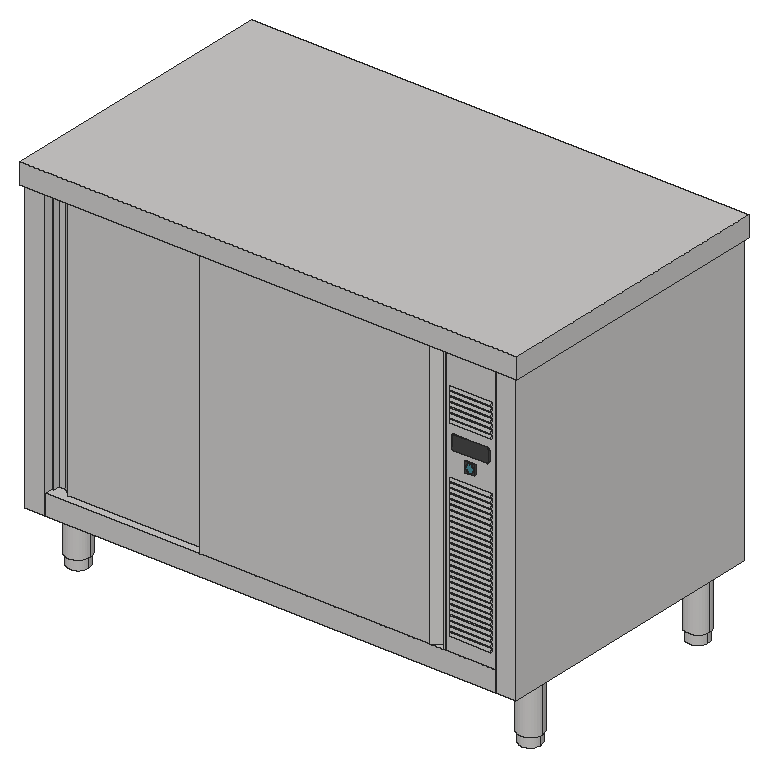
Revit family "QF_ZANUSSI_132786_MTC1200PN", category Attrezzature speciali, Revit 2020
Family settings
  Quota connettore circolare = Usa diametro
  Tipo di parte = Normale
  Basato su piano di lavoro = No
  Sempre verticale = Sì
  Taglio con vuoti quando caricato = No
  Condiviso = No
  Punto di calcolo locali = No
Parameters (values of type "Standard")
  Weight = 55.00 kg
  Watts = 2400 W
  Volts = 220 V
  URL Manufacturer = "http://www.zanussiprofessional.com"
  URL = "http://www.zanussiprofessional.com"
  Steam Supply Size = 0 mm
  Steam Supply Minimum Pressure = 0.0 Pa
  Steam Supply Maximum Pressure = 0.0 Pa
  Steam Consumption per Hour = 0
  Refrigeration Suction Line Size = 0.0 mm
  Refrigeration Liquid Line Size = 0.0 mm
  Refrigerant Compressor Remote = yes
  Prospetto di default = 0.0 mm
  Produttore = "Zanussi"
  Phase = 1
  Modello = "MTC1200PN"
  Length Actual = 1200.0 mm  # constant formula
  Item Number = "132786"
  Hot Water Size = 0 mm
  Height Actual = 900.0 mm  # constant formula
  HP = "3.2 HP"
  Gas Size = 0 mm
  Gas KW = 0
  Gas Input Pressure = 0 W
  Direct Waste Size = 0 mm
  Descrizione = "HOT CUPB.VENTIL.+SHELF+SLIDING D. 1200MM"
  Depth Actual = 700.0 mm  # constant formula
  Cycle = 50 Hz
  Condensate Return Size = 0 mm
  Compressed Air Volume = 0.0 L/s
  Compressed Air Size = 0 mm
  Compressed Air Pressure = 0.0 Pa
  Cold Water Size = 0 mm
  Accessory = yes
Reference planes
  plane 1 "Center (Front/Back)": y = 0
  plane 2: z = 0
  plane 3 "Center (Left/Right)": x = -100
  plane 4 "LEFT": x = -700
  plane 5 "RIGHT": x = 500
  plane 6 "BACK": y = 350
  plane 7 "FRONT": y = -350
  plane 8 "Base": z = 850
  plane 9 "TOP": z = 900
  plane 10: x = -646.5
  plane 11: x = 446.5
  plane 12: y = 264.5
  plane 13: y = -241.5
  plane 14 "BodyLeft": x = -694.5
  plane 15 "BodyFront": y = -344.5
  plane 16 "BodyRight": x = 494.5
  plane 17 "BodyBack": y = 344.5
  plane 18 "FEET": z = 150
  plane 19: x = 324.5
  plane 20: x = -161
  plane 21: x = 444.5
  plane 22 "EIx": x = 400
  plane 23 "EIy": y = -170
Forms (mm)
  Extrusion 1, solid, material "QF_Finishes_Stainless Steel"
    sketch origin (-100, 0, 0) x (0, 1, 0) y (0, 0, 1)
      loop
        line (-350, 850) -> (350, 850) -> (350, 900) -> (-350, 900) -> (-350, 850)
    from 600 to -600
  Extrusion 2, solid, material "QF_Finishes_Stainless Steel"
    sketch origin (0, 0, 150) x (-1, 0, 0) y (0, -1, 0)
      loop
        line (694.5, -344.5) -> (694.5, 344.5) -> (644.5, 344.5) -> (644.5, -344.5) -> (694.5, -344.5)
      loop
        line (-444.5, -344.5) -> (-444.5, 344.5) -> (-494.5, 344.5) -> (-494.5, -344.5) -> (-444.5, -344.5)
    from 0 to 700
  Extrusion 3, solid, material "QF_Finishes_Stainless Steel"
    sketch origin (0, 0, 150) x (-1, 0, 0) y (0, -1, 0)
      loop
        line (644.5, -344.5) -> (644.5, 344.5) -> (-444.5, 344.5) -> (-444.5, -344.5) -> (644.5, -344.5)
    from 0 to 50
  Extrusion 4, solid, material "QF_Finishes_Stainless Steel"
    sketch origin (-1, 0, 150) x (-1, 0, 0) y (0, -1, 0)
      loop
        line (-325.5, 344.5) -> (-325.5, 324.5) -> (270.5, 324.5) -> (270.5, 344.5) -> (-285.5, 344.5) -> (-305.5, 329.5) -> (-320.5, 329.5) -> (-320.5, 344.5) -> (-325.5, 344.5)
    from 50 to 700
  Extrusion 5, solid, material "QF_Finishes_Stainless Steel"
    sketch origin (1, 20, 150) x (1, 0, 0) y (0, 1, 0)
      loop
        line (-645.5, -344.5) -> (-640.5, -344.5) -> (-640.5, -329.5) -> (-625.5, -329.5) -> (-605.5, -344.5) -> (-51.5, -344.5) -> (-51.5, -324.5) -> (-645.5, -324.5) -> (-645.5, -344.5)
    from 50 to 700
  Extrusion 6, solid, material "QF_Finishes_Stainless Steel"
    sketch origin (0, 0, 0) x (1, 0, 0) y (0, 1, 0)
      loop
        line (-644.5, -304.5) -> (324.5, -304.5) -> (324.5, 324.5) -> (-644.5, 324.5) -> (-644.5, -304.5)
    from 500 to 540
  Extrusion 7, solid, material "QF_Finishes_Stainless Steel"
    sketch origin (0, 0, 0) x (1, 0, 0) y (0, 1, 0)
      loop
        line (444.5, 344.5) -> (-644.5, 344.5) -> (-644.5, 324.5) -> (444.5, 324.5) -> (444.5, 344.5)
    from 200 to 850
  Extrusion 8, solid, material "QF_Finishes_Stainless Steel"
    sketch origin (0, 0, 150) x (-1, 0, 0) y (0, -1, 0)
      loop
        circle (-400, 170) r 10
    from 0 to -5
Cuts and joins
  joined: Extrusion 3, Extrusion 7
Lines and regions (mm)
  symbolic lines
    curve 1: line (500, 350, 900) -> (-700, 350, 900)
    curve 2: line (-700, 350, 900) -> (-700, -350, 900)
    curve 3: line (-700, -350, 900) -> (500, -350, 900)
    curve 4: line (500, -350, 900) -> (500, 350, 900)
  symbolic lines, style "SpecialityEquipmentHiddenLines"
    curve 5: line (-694.5, 344.5, 150) -> (494.5, 344.5, 150)
    curve 6: line (-694.5, -344.5, 150) -> (-694.5, 344.5, 150)
    curve 7: line (494.5, -344.5, 150) -> (-694.5, -344.5, 150)
    curve 8: line (494.5, 344.5, 150) -> (494.5, -344.5, 150)
    curve 9: line (-645.5, -304.5, 150) -> (-49.5, -304.5, 150)
    curve 10: line (-49.5, -304.5, 150) -> (-49.5, -324.5, 150)
    curve 11: line (-645.5, -324.5, 150) -> (444.5, -324.5, 150)
    curve 12: line (444.5, -324.5, 150) -> (444.5, -344.5, 150)
    curve 13: line (-645.5, -304.5, 150) -> (-645.5, -324.5, 150)
    curve 14: line (-271.5, -344.5, 0) -> (-271.5, -324.5, 0)
Dimensions and locks
  plane 4 "LEFT" to plane 5 "RIGHT" = 1200.0 mm
  equal spacing: plane 4 "LEFT", plane 3 "Center (Left/Right)", plane 5 "RIGHT"
  locked: plane 8 "Base" to level at 850
  plane 9 "TOP" to level = 900.0 mm
  plane 6 "BACK" to plane 7 "FRONT" = 700.0 mm
  equal spacing: plane 6 "BACK", plane 1 "Center (Front/Back)", plane 7 "FRONT"
  locked: plane 4 "LEFT" to plane 14 "BodyLeft" at 5.5
  locked: plane 16 "BodyRight" to plane 5 "RIGHT" at 5.5
  locked: plane 15 "BodyFront" to plane 7 "FRONT" at 5.5
  locked: plane 6 "BACK" to plane 17 "BodyBack" at 5.5
  locked: plane 14 "BodyLeft" to plane 10 at 48
  locked: plane 11 to plane 16 "BodyRight" at 48
  locked: plane 13 to plane 15 "BodyFront" at 103
  locked: plane 17 "BodyBack" to plane 12 at 80
  plane 10 to plane 11 = 1093.0 mm
  plane 12 to plane 13 = 506.0 mm
  locked: plane 14 "BodyLeft" to Extrusion 2 sketch curve at 50
  locked: Extrusion 2 sketch curve to Extrusion 2 sketch curve at 50
  equal spacing: plane 10, plane 20, plane 19
  locked: plane 21 to plane 16 "BodyRight" at 50
  locked: plane 19 to plane 21 at 120
  locked: Extrusion 4 sketch curve to plane 20 at 110.5
  locked: plane 20 to Extrusion 5 sketch curve at 110.5
  locked: plane 18 "FEET" to level at 150
  locked: plane 22 "EIx" to plane 5 "RIGHT" at 100
  plane 23 "EIy" to plane 7 "FRONT" = 180.0 mm
  aligned and locked: level to plane 2
  aligned and locked: plane 10 to nested 1
  aligned and locked: nested 1 to plane 13
  aligned and locked: plane 11 to nested 2
  aligned and locked: nested 2 to plane 13
  aligned and locked: plane 11 to nested 4
  aligned and locked: nested 4 to plane 12
  aligned and locked: plane 10 to nested 3
  aligned and locked: nested 3 to plane 12
  aligned and locked: Extrusion 1 to plane 4 "LEFT"
  aligned and locked: plane 5 "RIGHT" to Extrusion 1
  aligned and locked: curve 2 to plane 4 "LEFT"
  aligned and locked: plane 17 "BodyBack" to Extrusion 2 sketch curve
  aligned and locked: Extrusion 2 sketch curve to plane 15 "BodyFront"
  aligned and locked: Extrusion 2 sketch curve to plane 14 "BodyLeft"
  aligned and locked: plane 16 "BodyRight" to Extrusion 2 sketch curve
  aligned and locked: Extrusion 2 sketch curve to plane 17 "BodyBack"
  aligned and locked: plane 15 "BodyFront" to Extrusion 2 sketch curve
  aligned and locked: Extrusion 3 sketch curve to plane 17 "BodyBack"
  aligned and locked: plane 15 "BodyFront" to Extrusion 3 sketch curve
  aligned and locked: plane 8 "Base" to Extrusion 2
  aligned and locked: plane 8 "Base" to Extrusion 4
  aligned and locked: Extrusion 4 to Extrusion 3
  aligned and locked: Extrusion 1 to plane 8 "Base"
  aligned and locked: plane 9 "TOP" to Extrusion 1
  aligned and locked: curve 5 to plane 17 "BodyBack"
  aligned and locked: plane 14 "BodyLeft" to curve 6
  aligned and locked: plane 15 "BodyFront" to curve 7
  aligned and locked: plane 16 "BodyRight" to curve 8
  aligned and locked: Extrusion 3 to Extrusion 2  (x2)
  aligned and locked: Extrusion 6 sketch curve to Extrusion 2
  aligned and locked: Extrusion 6 sketch curve to Extrusion 5
  aligned and locked: nested 5 to plane 21
  aligned and locked: Extrusion 7 sketch curve to Extrusion 2
  aligned and locked: Extrusion 6 sketch curve to plane 19
Automatic sketch dimensions
  curve 14 to plane 15 "BodyFront" = 0.0 mm
  plane 15 "BodyFront" to curve 14 = 20.0 mm
  curve 14 to plane 20 = 110.5 mm
  curve 3 to plane 7 "FRONT" = 0.0 mm
  curve 4 to plane 6 "BACK" = 0.0 mm
  Extrusion 1 sketch curve to plane 7 "FRONT" = 0.0 mm
  Extrusion 1 sketch curve to plane 6 "BACK" = 0.0 mm
  Extrusion 1 sketch curve to plane 8 "Base" = 0.0 mm
  Extrusion 1 sketch curve to plane 9 "TOP" = 0.0 mm
  Extrusion 3 sketch curve to plane 21 = 0.0 mm
  plane 10 to Extrusion 3 sketch curve = 2.0 mm
  Extrusion 4 sketch curve to plane 19 = 0.0 mm
  Extrusion 4 sketch curve to plane 15 "BodyFront" = 0.0 mm  (x2)
  Extrusion 4 sketch curve to Extrusion 4 sketch curve = 5.0 mm
  Extrusion 4 sketch curve to Extrusion 4 sketch curve = 15.0 mm  (x2)
  Extrusion 4 sketch curve to Extrusion 4 sketch curve = 20.0 mm  (x2)
  Extrusion 5 sketch curve to plane 15 "BodyFront" = 20.0 mm  (x2)
  Extrusion 5 sketch curve to plane 10 = 42.0 mm
  Extrusion 5 sketch curve to plane 10 = 22.0 mm
  Extrusion 5 sketch curve to plane 10 = 7.0 mm
  Extrusion 5 sketch curve to plane 10 = 2.0 mm
  Extrusion 5 sketch curve to Extrusion 5 sketch curve = 15.0 mm
  Extrusion 5 sketch curve to Extrusion 5 sketch curve = 20.0 mm
  curve 12 to plane 21 = 0.0 mm
  curve 7 to plane 15 "BodyFront" = 0.0 mm
  plane 3 "Center (Left/Right)" to curve 9 = 50.5 mm
  plane 10 to curve 11 = 1.0 mm
  plane 15 "BodyFront" to curve 9 = 40.0 mm
  curve 11 to curve 12 = 20.0 mm
  plane 12 to Extrusion 6 sketch curve = 60.0 mm
  Extrusion 7 sketch curve to plane 17 "BodyBack" = 0.0 mm
  Extrusion 7 sketch curve to plane 21 = 0.0 mm
  Extrusion 7 sketch curve to plane 17 "BodyBack" = 20.0 mm
  curve 4 to plane 5 "RIGHT" = 0.0 mm
  Extrusion 8 sketch curve to plane 22 "EIx" = 0.0 mm
  Extrusion 8 sketch curve to plane 23 "EIy" = 0.0 mm
  radius of Extrusion 8 sketch curve = 10.0 mm
Nested families
  nested 1: "FEET_D58-150" at (-646.5, -241.5, 0), type "FEET_D58-150"
  nested 2: "FEET_D58-150" at (446.5, -241.5, 0), type "FEET_D58-150"
  nested 3: "FEET_D58-150" at (-646.5, 264.5, 0), type "FEET_D58-150"
  nested 4: "FEET_D58-150" at (446.5, 264.5, 0), type "FEET_D58-150"
  nested 5: "WT_PNL120x650" at (531.42, -304.5, 600) x (1, 0, 0) z (0, -1, 0), type "WT_PNL120x650"
    with Show Logo yes
Connectors
  electrical at (400, -170, 145)
    settings: on Extrusion 8, index 1, voltage 0 V, apparent load 0 VA, apparent load phase1 0 VA, apparent load phase2 0 VA, apparent load phase3 0 VA, power factor 1, load classification "Other", number of poles 1, system type 30, power factor state 1, is connector primary yes, connector utility no, sub classification motor no, connector description "Electrical connection"
Definition of nested family "FEET_D58-150"
  Parameters
    Default Elevation = 0.0 mm
    FEET = 150.0 mm
  Reference planes
    plane 1 "Center (Front/Back)": y = 0
    plane 2: z = 0
    plane 3 "Center (Left/Right)": x = 0
    plane 4: z = 150
  Forms (mm)
    Extrusion 1, solid
      sketch origin (0, 0, 0) x (1, 0, 0) y (0, 1, 0)
        loop
          circle (0, 0) r 25
      from 0 to 25
    Extrusion 2, solid
      sketch origin (0, 0, 0) x (1, 0, 0) y (0, 1, 0)
        loop
          circle (0.061, 0) r 29
      from 25 to 150 <- "FEET"
  Lines and regions (mm)
    symbolic lines
      curve 1: line (0, -1.503, 0) -> (0, 1.508, 0)
      curve 2: line (1.561, 0, 0) -> (-1.439, 0, 0)
  Dimensions and locks
    "FEET": plane 4 to plane 2
    aligned and locked: level to plane 2
  Automatic sketch dimensions
    plane 1 "Center (Front/Back)" to Extrusion 1 sketch curve = 0.0 mm
    Extrusion 1 sketch curve to plane 3 "Center (Left/Right)" = 0.0 mm
    plane 1 "Center (Front/Back)" to curve 2 = 0.0 mm
    curve 1 to plane 3 "Center (Left/Right)" = 0.0 mm
    curve 2 to plane 3 "Center (Left/Right)" = 1.439 mm
    plane 3 "Center (Left/Right)" to curve 2 = 1.561 mm
    plane 1 "Center (Front/Back)" to curve 1 = 1.503 mm
    curve 1 to plane 1 "Center (Front/Back)" = 1.508 mm
    plane 1 "Center (Front/Back)" to Extrusion 2 sketch curve = 0.0 mm
    plane 3 "Center (Left/Right)" to Extrusion 2 sketch curve = 0.061 mm
    radius of Extrusion 1 sketch curve = 25.0 mm
    radius of Extrusion 2 sketch curve = 29.0 mm
Definition of nested family "WT_PNL120x650"
  Parameters
    Show Logo [instance] = yes
    Default Elevation = 1219.2 mm
  Reference planes
    plane 1 "Center (Front/Back)": y = -75
    plane 2: z = 0
    plane 3 "Center (Left/Right)": x = -146.92
    plane 4: x = -206.92
    plane 5: x = -86.92
    plane 6: y = 250
    plane 7: y = -400
    plane 8 "TOP": z = 40
  Forms (mm)
    Extrusion 1, solid
      sketch origin (0, 0, 0) x (1, 0, 0) y (0, 1, 0)
        loop
          line (-1219.2, 1219.2) -> (-1219.2, -1219.2) -> (1219.2, -1219.2) -> (1219.2, 1219.2) -> (-1219.2, 1219.2)
      from 0 to -304.8
    Extrusion 2, solid
      sketch origin (0, 0, 0) x (1, 0, 0) y (0, 1, 0)
        loop
          line (-206.92, 250) -> (-206.92, -400) -> (-86.92, -400) -> (-86.92, 250) -> (-206.92, 250)
      from 0 to 40
    Extrusion 3, void
      sketch origin (0, 0, 40) x (-1, 0, 0) y (0, -1, 0)
        loop
          arc (101.92, -68.899) -> (103.795, -73.256) -> (108.247, -74.89) r 6
          line (108.247, -74.89) -> (185.92, -74.89)
          arc (185.92, -74.89) -> (190.163, -73.133) -> (191.92, -68.89) r 6
          line (191.92, -68.89) -> (191.92, -45.89)
          arc (191.92, -45.89) -> (190.163, -41.648) -> (185.92, -39.89) r 6
          line (185.92, -39.89) -> (107.92, -39.89)
          arc (107.92, -39.89) -> (103.677, -41.648) -> (101.92, -45.89) r 6
          line (101.92, -45.89) -> (101.92, -68.899)
        loop
          line (158.92, -27.89) -> (158.92, -2.89) -> (134.92, -2.89) -> (134.92, -27.89) -> (158.92, -27.89)
      from -2 to 0
    Extrusion 4, solid
      sketch origin (0, 0, 40) x (-1, 0, 0) y (0, -1, 0)
        loop
          line (185.92, -39.89) -> (107.92, -39.89)
          arc (107.92, -39.89) -> (103.677, -41.648) -> (101.92, -45.89) r 6
          line (101.92, -45.89) -> (101.92, -68.899)
          arc (101.92, -68.899) -> (103.795, -73.256) -> (108.247, -74.89) r 6
          line (108.247, -74.89) -> (185.92, -74.89)
          arc (185.92, -74.89) -> (190.163, -73.133) -> (191.92, -68.89) r 6
          line (191.92, -68.89) -> (191.92, -45.89)
          arc (191.92, -45.89) -> (190.163, -41.648) -> (185.92, -39.89) r 6
      from -2 to 1
    Extrusion 5, solid
      sketch origin (-146.92, 0, 0) x (0, 1, 0) y (0, 0, 1)
        loop
          line (95.896, 40) -> (104.899, 40) -> (95.896, 41.206) -> (95.896, 40)
        loop
          line (107.896, 40) -> (116.899, 40) -> (107.896, 41.206) -> (107.896, 40)
        loop
          line (119.896, 40) -> (128.899, 40) -> (119.896, 41.206) -> (119.896, 40)
        loop
          line (131.896, 40) -> (140.899, 40) -> (131.896, 41.206) -> (131.896, 40)
        loop
          line (143.896, 40) -> (152.899, 40) -> (143.896, 41.206) -> (143.896, 40)
        loop
          line (155.896, 40) -> (164.899, 40) -> (155.896, 41.206) -> (155.896, 40)
        loop
          line (167.896, 40) -> (176.899, 40) -> (167.896, 41.206) -> (167.896, 40)
        loop
          line (-102.104, 40) -> (-93.101, 40) -> (-102.104, 41.206) -> (-102.104, 40)
        loop
          line (-90.104, 40) -> (-81.101, 40) -> (-90.104, 41.206) -> (-90.104, 40)
        loop
          line (-78.104, 40) -> (-69.101, 40) -> (-78.104, 41.206) -> (-78.104, 40)
        loop
          line (-66.104, 40) -> (-57.101, 40) -> (-66.104, 41.206) -> (-66.104, 40)
        loop
          line (-54.104, 40) -> (-45.101, 40) -> (-54.104, 41.206) -> (-54.104, 40)
        loop
          line (-42.104, 40) -> (-33.101, 40) -> (-42.104, 41.206) -> (-42.104, 40)
        loop
          line (-30.104, 40) -> (-21.101, 40) -> (-30.104, 41.206) -> (-30.104, 40)
        loop
          line (-174.104, 40) -> (-165.101, 40) -> (-174.104, 41.206) -> (-174.104, 40)
        loop
          line (-162.104, 40) -> (-153.101, 40) -> (-162.104, 41.206) -> (-162.104, 40)
        loop
          line (-150.104, 40) -> (-141.101, 40) -> (-150.104, 41.206) -> (-150.104, 40)
        loop
          line (-138.104, 40) -> (-129.101, 40) -> (-138.104, 41.206) -> (-138.104, 40)
        loop
          line (-126.104, 40) -> (-117.101, 40) -> (-126.104, 41.206) -> (-126.104, 40)
        loop
          line (-114.104, 40) -> (-105.101, 40) -> (-114.104, 41.206) -> (-114.104, 40)
        loop
          line (-246.104, 40) -> (-237.101, 40) -> (-246.104, 41.206) -> (-246.104, 40)
        loop
          line (-234.104, 40) -> (-225.101, 40) -> (-234.104, 41.206) -> (-234.104, 40)
        loop
          line (-222.104, 40) -> (-213.101, 40) -> (-222.104, 41.206) -> (-222.104, 40)
        loop
          line (-210.104, 40) -> (-201.101, 40) -> (-210.104, 41.206) -> (-210.104, 40)
        loop
          line (-198.104, 40) -> (-189.101, 40) -> (-198.104, 41.206) -> (-198.104, 40)
        loop
          line (-186.104, 40) -> (-177.101, 40) -> (-186.104, 41.206) -> (-186.104, 40)
        loop
          line (-318.104, 40) -> (-309.101, 40) -> (-318.104, 41.206) -> (-318.104, 40)
        loop
          line (-306.104, 40) -> (-297.101, 40) -> (-306.104, 41.206) -> (-306.104, 40)
        loop
          line (-294.104, 40) -> (-285.101, 40) -> (-294.104, 41.206) -> (-294.104, 40)
        loop
          line (-282.104, 40) -> (-273.101, 40) -> (-282.104, 41.206) -> (-282.104, 40)
        loop
          line (-270.104, 40) -> (-261.101, 40) -> (-270.104, 41.206) -> (-270.104, 40)
        loop
          line (-258.104, 40) -> (-249.101, 40) -> (-258.104, 41.206) -> (-258.104, 40)
        loop
          line (-366.104, 40) -> (-357.101, 40) -> (-366.104, 41.206) -> (-366.104, 40)
        loop
          line (-354.104, 40) -> (-345.101, 40) -> (-354.104, 41.206) -> (-354.104, 40)
        loop
          line (-342.104, 40) -> (-333.101, 40) -> (-342.104, 41.206) -> (-342.104, 40)
        loop
          line (-330.104, 40) -> (-321.101, 40) -> (-330.104, 41.206) -> (-330.104, 40)
      from -50 to 50
    Extrusion 6, solid
      sketch origin (0, 0, 40) x (-1, 0, 0) y (0, -1, 0)
        loop
          line (134.92, -27.89) -> (158.92, -27.89) -> (158.92, -2.89) -> (134.92, -2.89) -> (134.92, -27.89)
        loop
          circle (146.92, -15.39) r 9
      from -2 to 3
    Extrusion 7, solid
      sketch origin (0, 0, 40) x (-1, 0, 0) y (0, -1, 0)
        loop
          circle (146.92, -15.39) r 9
      from 0 to 3
  Cuts and joins
    Extrusion 3 cuts Extrusion 2
  Dimensions and locks
    equal spacing: plane 6, plane 1 "Center (Front/Back)", plane 7
    equal spacing: plane 4, plane 3 "Center (Left/Right)", plane 5
    plane 8 "TOP" to level = 40.0 mm
    aligned and locked: plane 2 to Extrusion 1
    aligned and locked: level to Extrusion 1
  Automatic sketch dimensions
    Extrusion 1 sketch curve to Extrusion 1 sketch curve = 2438.4 mm  (x2)
    Extrusion 2 sketch curve to plane 4 = 0.0 mm
    Extrusion 2 sketch curve to plane 5 = 0.0 mm
    Extrusion 2 sketch curve to plane 7 = 0.0 mm
    Extrusion 2 sketch curve to plane 6 = 0.0 mm
    Extrusion 5 sketch curve to plane 8 "TOP" = 0.0 mm  (x36)
    Extrusion 5 sketch curve to Extrusion 5 sketch curve = 9.003 mm  (x35)
    plane 8 "TOP" to Extrusion 5 sketch curve = 1.206 mm  (x22)
    Extrusion 5 sketch curve to Extrusion 5 sketch curve = 2.997 mm  (x33)
    plane 1 "Center (Front/Back)" to Extrusion 5 sketch curve = 6.101 mm
    plane 1 "Center (Front/Back)" to Extrusion 5 sketch curve = 3.104 mm
    Extrusion 5 sketch curve to plane 1 "Center (Front/Back)" = 5.899 mm
    Extrusion 5 sketch curve to Extrusion 5 sketch curve = 116.997 mm
    Extrusion 5 sketch curve to Extrusion 5 sketch curve = 1.206 mm  (x14)
    Extrusion 4 sketch curve to plane 5 = 15.0 mm
    Extrusion 4 sketch curve to Extrusion 4 sketch curve = 6.0 mm  (x3)
    Extrusion 4 sketch curve to Extrusion 4 sketch curve = 0.327 mm
    plane 4 to Extrusion 4 sketch curve = 21.0 mm  (x2)
    Extrusion 4 sketch curve to plane 1 "Center (Front/Back)" = 149.89 mm
    Extrusion 4 sketch curve to Extrusion 4 sketch curve = 23.009 mm
    Extrusion 3 sketch curve to plane 5 = 15.0 mm
    Extrusion 3 sketch curve to Extrusion 3 sketch curve = 6.0 mm  (x3)
    Extrusion 3 sketch curve to Extrusion 3 sketch curve = 0.327 mm
    plane 3 "Center (Left/Right)" to Extrusion 3 sketch curve = 12.0 mm
    Extrusion 3 sketch curve to plane 3 "Center (Left/Right)" = 12.0 mm
    plane 4 to Extrusion 3 sketch curve = 21.0 mm  (x2)
    Extrusion 3 sketch curve to plane 1 "Center (Front/Back)" = 149.89 mm
    Extrusion 3 sketch curve to Extrusion 3 sketch curve = 23.0 mm
    Extrusion 3 sketch curve to Extrusion 3 sketch curve = 12.0 mm
    Extrusion 3 sketch curve to Extrusion 3 sketch curve = 25.0 mm
    Extrusion 6 sketch curve to plane 3 "Center (Left/Right)" = 0.0 mm
    plane 3 "Center (Left/Right)" to Extrusion 6 sketch curve = 12.0 mm
    Extrusion 6 sketch curve to plane 3 "Center (Left/Right)" = 12.0 mm
    Extrusion 6 sketch curve to plane 1 "Center (Front/Back)" = 102.89 mm
    Extrusion 6 sketch curve to Extrusion 6 sketch curve = 12.5 mm  (x2)
    Extrusion 7 sketch curve to plane 3 "Center (Left/Right)" = 0.0 mm
    Extrusion 7 sketch curve to plane 1 "Center (Front/Back)" = 90.39 mm
    radius of Extrusion 6 sketch curve = 9.0 mm
    radius of Extrusion 7 sketch curve = 9.0 mm
